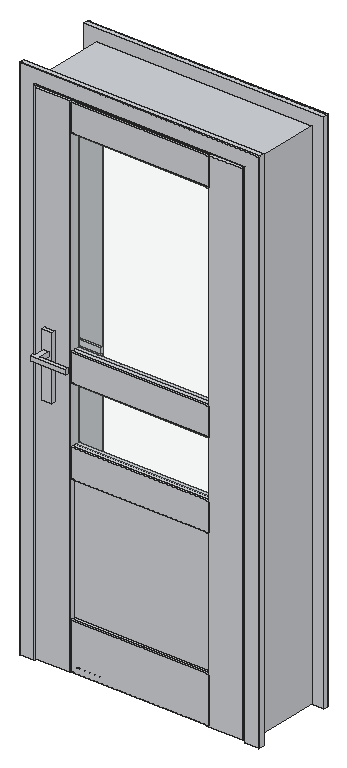
Revit family "b_portagrande_d1_pn60-100", category Drzwi, Revit 2016
Family settings
  Obiekt nadrzędny = Ściana
  Zawsze pionowo = Tak
  Tnij formami wycięć po wczytaniu = Nie
  Współdzielony = Nie
  Punkt obliczania pomieszczeń = Nie
Parameters (values of type "PN 80")
  Zakres szerokości muru [instance] = if(and(Szerokość ściany > 94 mm, Szerokość ściany < 120 mm), "B", (if(and(Szerokość ściany > 119 mm, Szerokość ściany < 140 mm), "C", (if(and(Szerokość ściany > 139 mm, Szerokość ściany < 160 mm), "D", (if(and(Szerokość ściany > 159 mm, Szerokość ściany < 180 mm), "E", (if(and(Szerokość ściany > 179 mm, Szerokość ściany < 200 mm), "F", (if(and(Szerokość ściany > 199 mm, Szerokość ściany < 220 mm), "G", (if(and(Szerokość ściany > 219 mm, Szerokość ściany < 240 mm), "H", (if(and(Szerokość ściany > 239 mm, Szerokość ściany < 260 mm), "I", (if(and(Szerokość ściany > 259 mm, Szerokość ściany < 280 mm), "J", (if(and(Szerokość ściany > 279 mm, Szerokość ściany < 301 mm), "K", "BRAK")))))))))))))))))))  # "K"
  Wysokość brutto = 2060 mm
  Szerokość ściany [instance] = 300 mm
  Szerokość brutto = 880 mm
  Model = "Porta GRANDE D.1"
  Materiał_szyba [instance] = Szkło
  Konstrukcja analityczna = "<Brak>"
  Funkcja = Wewnętrzna
  URL = "www.porta.com.pl"
  Ss = 818 mm
  Sb = 846 mm
  Producent = "PORTA KMI POLAND"  # constant formula
  Keynote = ""
  Opis = "Własność Porta KMI Poland, wszelkie prawa zastrzeżone."  # constant formula
  Wysokość = 2016 mm
  Zakończenie ściany = Wg obiektu nadrzędnego
  Szerokość = 800 mm
  Materiał_skrzydło [instance] = none
  Materiał_ościeżnica [instance] = none
  Materiał_klamka [instance] = none
  Hs = 2017 mm
Types (5, lengths in mm): name | Szerokość brutto | Materiał_szyba | Ss | Sb | Szerokość
  PN 70 | 780 | none | 718 | 746 | 700
  PN 60 | 680 | none | 618 | 646 | 600
  PN 80 | 880 | Szkło | 818 | 846 | 800
  PN 90 | 980 | none | 918 | 946 | 900
  PN 100 | 1080 | none | 1018 | 1046 | 1000
Reference planes
  plane 1: y = 0
  plane 2 "Środek (Lewa/Prawa)": x = 0
  plane 3 "Lewy": x = -440
  plane 4 "Prawy": x = 440
  plane 5: z = 2060
  plane 6 "Zewnętrzna": y = 150
  plane 7 "Wewnętrzna": y = -150
  plane 8 "skrzydło": y = -129
Forms (mm)
  Sweep 1, solid, material <- "Materiał_ościeżnica"
    path in 3D
      loop
        line (-440, -150, 0) -> (-440, -150, 2060) -> (440, -150, 2060) -> (440, -150, 0)
    profile origin (-440, -150, 1030) x (0, -1, 0) y (1, 0, 0)
      loop
        line (-24, 39) -> (-72, 39) -> (-72, 17) -> (0, 17) -> (0, -33) -> (16, -33)
        arc (16, -33) -> (18.121, -32.121) -> (19, -30) r 3
        line (19, -30) -> (19, 24)
        arc (19, 24) -> (18.121, 26.121) -> (16, 27) r 3
        line (16, 27) -> (-24, 27) -> (-24, 39)
  Sweep 2, solid, material <- "Materiał_ościeżnica"
    path in 3D
      loop
        line (440, 150, 0) -> (440, 150, 2060) -> (-440, 150, 2060) -> (-440, 150, 0)
    profile origin (-440, 150, 1030) x (1, 0, 0) y (0, 1, 0)
      loop
        line (-33, 0) -> (17, 0) -> (17, -228) -> (39, -228) -> (39, -1)
        arc (39, -1) -> (37.536, 2.536) -> (34, 4) r 5
        line (34, 4) -> (25, 4) -> (25, 16)
        arc (25, 16) -> (24.121, 18.121) -> (22, 19) r 3
        line (22, 19) -> (-30, 19)
        arc (-30, 19) -> (-32.121, 18.121) -> (-33, 16) r 3
        line (-33, 16) -> (-33, 0)
  Sweep 3, solid, not visible
    path in 3D
      loop
        line (-440, -150, 0) -> (-440, -150, 2060)
    profile origin (-440, -150, 1030) x (0, -1, 0) y (1, 0, 0)
      loop
        line (-151, 17) -> (-149, 17) -> (-149, 19) -> (-151, 19) -> (-151, 17)
Cuts and joins
  joined: Sweep 1, Sweep 2
Lines and regions (mm)
  Opening 1
    outline origin (-3050, -150, 0) x (1, 0, 0) y (0, 0, 1)
      loop
        line (2610, 0) -> (3490, 0) -> (3490, 2060) -> (2610, 2060) -> (2610, 0)
  sketch lines
    curve 1: line (-440, -150, 0) -> (-440, -150, 2060)
    curve 2: line (-440, -150, 2060) -> (440, -150, 2060)
    curve 3: line (440, -150, 2060) -> (440, -150, 0)
    curve 4: line (-440, 150, 2060) -> (-440, 150, 0)
    curve 5: line (440, 150, 2060) -> (-440, 150, 2060)
    curve 6: line (440, 150, 0) -> (440, 150, 2060)
    curve 12: line (-440, -150, 0) -> (-440, -150, 2060)
  symbolic lines, style "DoorsPanelProjection"
    curve 7: line (409, -150, 0) -> (409, -968, 0)
    curve 8: line (409, -968, 0) -> (369, -968, 0)
    curve 9: line (369, -968, 0) -> (369, -150, 0)
    curve 10: line (369, -150, 0) -> (409, -150, 0)
  symbolic lines, style "Ugięcie rzutu"
    curve 11: arc (-409, -150, 0) -> (-169.413, -728.413, 0) -> (409, -968, 0) r 818
Text (mm)
  text "Zewnętrzna" at (-2295.016, 1099.543, 0), in view "Poziom odniesienia"
  text "Zewnętrzna" at (0, 1615.38, 3698.081), in view "Lewy"
  text "Zewnętrzna" at (0, 1036.032, 3874.932), in view "Prawy"
Dimensions and locks
  equal spacing: plane 3 "Lewy", plane 2 "Środek (Lewa/Prawa)", plane 4 "Prawy"
  "Szerokość brutto": plane 3 "Lewy" to plane 4 "Prawy"
  "Wysokość brutto": plane 5 to host wall
  host wall to plane 5 = 2060 mm  (x2)
  locked: plane 6 "Zewnętrzna" to host wall at 0
  locked: plane 7 "Wewnętrzna" to host wall
  "Sb": Sweep 1 to Sweep 1
  locked: Sweep 1 sketch curve to Sweep 1 sketch curve at 22
  Sweep 1 sketch curve to Sweep 1 sketch curve = 50 mm
  locked: Sweep 1 sketch curve to profile plane at 72
  locked: Sweep 2 sketch curve to Sweep 2 sketch curve at 50
  locked: Sweep 2 sketch curve to Sweep 2 sketch curve at 22
  locked: Sweep 2 sketch curve to plane 6 "Zewnętrzna" at 1
  locked: curve 9 to curve 7 at 40
  "Ss": curve 8 to curve 10
  equal spacing: curve 11, plane 2 "Środek (Lewa/Prawa)", curve 7
  locked: plane 7 "Wewnętrzna" to plane 8 "skrzydło" at 21
  locked: host wall to Sweep 3 sketch curve at 1
  locked: Sweep 3 sketch curve to host wall at 1
  locked: Sweep 3 sketch curve to plane 6 "Zewnętrzna" at 151
  locked: plane 7 "Wewnętrzna" to Sweep 3 sketch curve at 151
  equal spacing: nested 1, plane 2 "Środek (Lewa/Prawa)", nested 1
  locked: nested 1 to level at 8
  "Szerokość ściany": host wall to host wall
  aligned and locked: plane 3 "Lewy" to Opening 1 sketch curve
  aligned and locked: plane 5 to Opening 1 sketch curve  (x2)
  aligned and locked: Opening 1 sketch curve to plane 4 "Prawy"
  aligned and locked: Opening 1 sketch curve to level
  aligned and locked: plane 1 to host wall
  aligned and locked: Sweep 1 to Sweep 2 sketch curve
  aligned and locked: plane 7 "Wewnętrzna" to curve 10
  aligned and locked: Sweep 3 sketch curve to cut or joined group of Sweep 1, Sweep 2
  aligned and locked: Sweep 2 sketch curve to cut or joined group of Sweep 1, Sweep 2
  aligned and locked: nested 1 to plane 8 "skrzydło"
Automatic sketch dimensions
  profile plane to Sweep 1 sketch curve = 24 mm
  Sweep 1 sketch curve to profile plane = 16 mm  (x2)
  Sweep 1 sketch curve to Sweep 1 sketch curve = 3 mm
  profile plane to Sweep 1 sketch curve = 17 mm
  Sweep 1 sketch curve to Sweep 1 sketch curve = 7 mm
  Sweep 1 sketch curve to profile plane = 0 mm
  Sweep 2 sketch curve to profile plane = 0 mm
  Sweep 2 sketch curve to profile plane = 16 mm
  Sweep 2 sketch curve to Sweep 2 sketch curve = 3 mm
  Sweep 2 sketch curve to Sweep 2 sketch curve = 5 mm
  Sweep 2 sketch curve to profile plane = 4 mm
  Sweep 2 sketch curve to Sweep 2 sketch curve = 8 mm
  curve 11 to host wall = 0 mm
  Sweep 3 sketch curve to Sweep 3 sketch curve = 2 mm
Nested families
  nested 1: "skrzydło" at (0, -135.5, 0), Materiał_klamka <- "Materiał_klamka", Materiał_skrzydło <- "Materiał_skrzydło", Materiał_szyba <- "Materiał_szyba", type "skrzydło"
    with Materiał_szyba Szkło, Materiał_skrzydło none, Materiał_klamka none
Definition of nested family "skrzydło"
  Parameters
    Ss = 818 mm
    Materiał_szyba [instance] = none
    Materiał_skrzydło [instance] = none
    Materiał_klamka [instance] = none
    Hs = 2017 mm
  Reference planes
    plane 1 "Tył": y = 6.5
    plane 2: z = 0
    plane 3 "Środek (Lewa/Prawa)": x = 0
    plane 4 "Lewa": x = -409
    plane 5 "Prawa": x = 409
    plane 6 "Przód": y = -33.5
    plane 7: z = 2025
    plane 8 "Centrum": y = -13.5
    plane 9: z = 8
    plane 10: x = -272
    plane 11: x = 272
  Forms (mm)
    Extrusion 1, solid, material <- "Materiał_skrzydło"
      sketch origin (-1191.728, -1524, 8) x (-1, 0, 0) y (0, -1, 0)
        loop
          line (-1465.378, -1490.5) -> (-1599.078, -1490.5)
          arc (-1599.078, -1490.5) -> (-1600.244, -1490.983) -> (-1600.728, -1492.15) r 1.65
          line (-1600.728, -1492.15) -> (-1600.728, -1528.8)
          arc (-1600.728, -1528.8) -> (-1600.23, -1530.002) -> (-1599.028, -1530.5) r 1.7
          line (-1599.028, -1530.5) -> (-1465.378, -1530.5)
          arc (-1465.378, -1530.5) -> (-1464.211, -1530.017) -> (-1463.728, -1528.85) r 1.65
          line (-1463.728, -1528.85) -> (-1463.728, -1492.15)
          arc (-1463.728, -1492.15) -> (-1464.211, -1490.983) -> (-1465.378, -1490.5) r 1.65
      from 0 to 2017
    Extrusion 2, solid, material <- "Materiał_skrzydło"
      sketch origin (0, 0, 0) x (0, 1, 0) y (0, 0, 1)
        loop
          line (4, 1911.65) -> (4, 2023.3)
          arc (4, 2023.3) -> (3.502, 2024.502) -> (2.3, 2025) r 1.7
          line (2.3, 2025) -> (-29.35, 2025)
          arc (-29.35, 2025) -> (-30.517, 2024.517) -> (-31, 2023.35) r 1.65
          line (-31, 2023.35) -> (-31, 1911.65)
          arc (-31, 1911.65) -> (-30.517, 1910.483) -> (-29.35, 1910) r 1.65
          line (-29.35, 1910) -> (2.35, 1910)
          arc (2.35, 1910) -> (3.517, 1910.483) -> (4, 1911.65) r 1.65
        loop
          line (2.35, 195) -> (-29.35, 195)
          arc (-29.35, 195) -> (-30.517, 194.517) -> (-31, 193.35) r 1.65
          line (-31, 193.35) -> (-31, 9.65)
          arc (-31, 9.65) -> (-30.517, 8.483) -> (-29.35, 8) r 1.65
          line (-29.35, 8) -> (-25, 8)
          arc (-25, 8) -> (-23.833, 8.483) -> (-23.35, 9.65) r 1.65
          arc (-23.35, 9.65) -> (-22.955, 10.605) -> (-22, 11) r 1.35
          line (-22, 11) -> (-5, 11)
          arc (-5, 11) -> (-4.045, 10.605) -> (-3.65, 9.65) r 1.35
          arc (-3.65, 9.65) -> (-3.167, 8.483) -> (-2, 8) r 1.65
          line (-2, 8) -> (2.35, 8)
          arc (2.35, 8) -> (3.517, 8.483) -> (4, 9.65) r 1.65
          line (4, 9.65) -> (4, 193.35)
          arc (4, 193.35) -> (3.517, 194.517) -> (2.35, 195) r 1.65
        loop
          line (2.35, 805) -> (-29.35, 805)
          arc (-29.35, 805) -> (-30.517, 804.517) -> (-31, 803.35) r 1.65
          line (-31, 803.35) -> (-31, 691.65)
          arc (-31, 691.65) -> (-30.517, 690.483) -> (-29.35, 690) r 1.65
          line (-29.35, 690) -> (2.35, 690)
          arc (2.35, 690) -> (3.517, 690.483) -> (4, 691.65) r 1.65
          line (4, 691.65) -> (4, 803.35)
          arc (4, 803.35) -> (3.517, 804.517) -> (2.35, 805) r 1.65
        loop
          line (2.35, 1142) -> (-29.35, 1142)
          arc (-29.35, 1142) -> (-30.517, 1141.517) -> (-31, 1140.35) r 1.65
          line (-31, 1140.35) -> (-31, 1028.65)
          arc (-31, 1028.65) -> (-30.517, 1027.483) -> (-29.35, 1027) r 1.65
          line (-29.35, 1027) -> (2.35, 1027)
          arc (2.35, 1027) -> (3.517, 1027.483) -> (4, 1028.65) r 1.65
          line (4, 1028.65) -> (4, 1140.35)
          arc (4, 1140.35) -> (3.517, 1141.517) -> (2.35, 1142) r 1.65
      from -272 to 272
    Extrusion 3, solid, material <- "Materiał_szyba"
      sketch origin (-892.016, -13.5, 1213) x (-1, 0, 0) y (0, 0, 1)
        loop
          line (-620.016, 697) -> (-1164.016, 697) -> (-1164.016, -71) -> (-620.016, -71) -> (-620.016, 697)
      from -2 to 2
    Extrusion 4, solid, material <- "Materiał_szyba"
      sketch origin (-892.016, -13.5, 1213) x (-1, 0, 0) y (0, 0, 1)
        loop
          line (-620.016, -408) -> (-620.016, -186) -> (-1164.016, -186) -> (-1164.016, -408) -> (-620.016, -408)
      from -2 to 2
    Extrusion 5, solid, material <- "Materiał_skrzydło"
      sketch origin (-892.016, -13.5, 1200) x (-1, 0, 0) y (0, 0, 1)
        loop
          line (-620.016, -510) -> (-1164.016, -510) -> (-1164.016, -1005) -> (-620.016, -1005) -> (-620.016, -510)
      from -4 to 4
    Extrusion 6, solid, material <- "Materiał_skrzydło"
      sketch origin (-1191.728, -1524, 8) x (-1, 0, 0) y (0, -1, 0)
        loop
          arc (-918.078, -1490.5) -> (-919.244, -1490.983) -> (-919.728, -1492.15) r 1.65
          line (-919.728, -1492.15) -> (-919.728, -1528.85)
          arc (-919.728, -1528.85) -> (-919.244, -1530.017) -> (-918.078, -1530.5) r 1.65
          line (-918.078, -1530.5) -> (-784.428, -1530.5)
          arc (-784.428, -1530.5) -> (-783.225, -1530.002) -> (-782.728, -1528.8) r 1.7
          line (-782.728, -1528.8) -> (-782.728, -1492.15)
          arc (-782.728, -1492.15) -> (-783.211, -1490.983) -> (-784.378, -1490.5) r 1.65
          line (-784.378, -1490.5) -> (-918.078, -1490.5)
      from 0 to 2017
  Dimensions and locks
    equal spacing: plane 4 "Lewa", plane 3 "Środek (Lewa/Prawa)", plane 5 "Prawa"
    "Ss": plane 4 "Lewa" to plane 5 "Prawa"
    locked: plane 9 to level at 8
    "Hs": plane 7 to plane 9
    locked: nested 1 to plane 9 at 934
    locked: plane 9 to nested 2 at 934
    equal spacing: plane 6 "Przód", plane 8 "Centrum", plane 1 "Tył"
    locked: plane 10 to plane 4 "Lewa" at 137
    locked: plane 5 "Prawa" to plane 11 at 137
    aligned and locked: nested 1 to plane 6 "Przód"
    aligned and locked: plane 5 "Prawa" to Extrusion 1 sketch curve
    aligned and locked: Extrusion 1 sketch curve to plane 1 "Tył"
    aligned and locked: Extrusion 1 sketch curve to plane 6 "Przód"
    aligned and locked: Extrusion 1 sketch curve to plane 11
    aligned and locked: plane 7 to Extrusion 1
    aligned and locked: Extrusion 2 to plane 10
    aligned and locked: plane 11 to Extrusion 2
    aligned and locked: plane 10 to Extrusion 3 sketch curve
    aligned and locked: plane 11 to Extrusion 3 sketch curve
    aligned and locked: Extrusion 2 to Extrusion 4 sketch curve  (x2)
    aligned and locked: plane 10 to Extrusion 5 sketch curve
    aligned and locked: plane 11 to Extrusion 5 sketch curve
    aligned and locked: plane 4 "Lewa" to Extrusion 6 sketch curve
    aligned and locked: Extrusion 6 sketch curve to plane 10
    aligned and locked: plane 7 to Extrusion 6
    aligned and locked: nested 2 to nested 1
  Automatic sketch dimensions
    Extrusion 4 sketch curve to plane 7 = 998 mm
    Extrusion 4 sketch curve to Extrusion 4 sketch curve = 222 mm
    Extrusion 6 sketch curve to plane 6 "Przód" = 0 mm
    plane 1 "Tył" to Extrusion 6 sketch curve = 0 mm
    Extrusion 6 sketch curve to plane 10 = 1.65 mm
    plane 1 "Tył" to Extrusion 6 sketch curve = 1.65 mm
    plane 4 "Lewa" to Extrusion 6 sketch curve = 1.7 mm
    plane 4 "Lewa" to Extrusion 6 sketch curve = 1.65 mm
    Extrusion 1 sketch curve to Extrusion 1 sketch curve = 1.65 mm
    Extrusion 1 sketch curve to plane 5 "Prawa" = 1.7 mm
    plane 11 to Extrusion 1 sketch curve = 1.65 mm  (x2)
    Extrusion 3 sketch curve to plane 7 = 883 mm
    Extrusion 3 sketch curve to plane 7 = 115 mm
    plane 9 to Extrusion 5 sketch curve = 187 mm
    Extrusion 5 sketch curve to Extrusion 5 sketch curve = 495 mm
    Extrusion 2 sketch curve to plane 7 = 0 mm
    Extrusion 2 sketch curve to plane 9 = 0 mm  (x2)
    plane 9 to Extrusion 2 sketch curve = 3 mm
    Extrusion 2 sketch curve to plane 8 "Centrum" = 8.5 mm
    Extrusion 2 sketch curve to Extrusion 2 sketch curve = 1.35 mm
    Extrusion 2 sketch curve to Extrusion 2 sketch curve = 0 mm  (x2)
    plane 6 "Przód" to Extrusion 2 sketch curve = 4.15 mm  (x7)
    Extrusion 2 sketch curve to plane 7 = 1.65 mm
    Extrusion 2 sketch curve to Extrusion 2 sketch curve = 1.65 mm  (x8)
    plane 9 to Extrusion 2 sketch curve = 1.65 mm
    plane 8 "Centrum" to Extrusion 2 sketch curve = 8.5 mm
    Extrusion 2 sketch curve to plane 7 = 1.7 mm
    plane 1 "Tył" to Extrusion 2 sketch curve = 4.2 mm
    plane 1 "Tył" to Extrusion 2 sketch curve = 4.15 mm  (x6)
    Extrusion 2 sketch curve to Extrusion 2 sketch curve = 182.35 mm
    Extrusion 2 sketch curve to Extrusion 2 sketch curve = 495 mm
    Extrusion 2 sketch curve to Extrusion 2 sketch curve = 111.7 mm  (x2)
    Extrusion 2 sketch curve to Extrusion 2 sketch curve = 113.35 mm
    Extrusion 2 sketch curve to Extrusion 2 sketch curve = 222 mm
  Nested families
    nested 1: "KLAMKA" at (-354, -33.5, 1067), Materiał klamki <- "Materiał_klamka", type "KLAMKA"
      with Materiał klamki none
    nested 2: "KLAMKA" at (-354, 6.5, 1067), Materiał klamki <- "Materiał_klamka", type "KLAMKA"
      with Materiał klamki none
  Definition of nested family "KLAMKA"
    Parameters
      Materiał klamki [instance] = none
      Assembly Code = ""
      Default Elevation = 1219.2 mm
    Reference planes
      plane 1 "Center (Front/Back)": y = 0
      plane 2: z = 0
      plane 3 "Center (Left/Right)": x = 0
      plane 4: z = 125
      plane 5: z = -125
      plane 6: x = 20
      plane 7: x = -20
      plane 8: y = -70
      plane 9: y = -60
      plane 10: x = 10
      plane 11: x = -10
      plane 12: x = 120
      plane 13: z = 35
      plane 14: z = 55
      plane 15: y = -15
    Forms (mm)
      Extrusion 1, solid, material <- "Materiał klamki"
        sketch origin (0, 0, 0) x (1, 0, 0) y (0, 0, 1)
          loop
            line (-20, 125) -> (-20, -125) -> (20, -125) -> (20, 125) -> (-20, 125)
        from 0 to 15
      Extrusion 2, solid, material <- "Materiał klamki"
        sketch origin (0, 0, 0) x (1, 0, 0) y (0, 1, 0)
          loop
            line (-10, -15) -> (-10, -60) -> (-20, -60) -> (-20, -70) -> (120, -70) -> (120, -60) -> (10, -60) -> (10, -15) -> (-10, -15)
        from 35 to 55
    Dimensions and locks
      equal spacing: plane 4, plane 2, plane 5
      plane 4 to plane 5 = 250 mm
      equal spacing: plane 7, plane 3 "Center (Left/Right)", plane 6
      plane 7 to plane 6 = 40 mm
      plane 8 to plane 1 "Center (Front/Back)" = 70 mm
      plane 11 to plane 3 "Center (Left/Right)" to plane 10 = 10 mm locked, 10 mm locked
      plane 7 to plane 12 = 140 mm
      plane 15 to plane 1 "Center (Front/Back)" = 15 mm
      aligned and locked: plane 7 to Extrusion 1 sketch curve
      aligned and locked: Extrusion 1 sketch curve to plane 4
      aligned and locked: plane 5 to Extrusion 1 sketch curve
      aligned and locked: Extrusion 1 sketch curve to plane 6
      aligned and locked: plane 15 to Extrusion 1
      aligned and locked: Extrusion 1 to plane 1 "Center (Front/Back)"
      aligned and locked: plane 14 to Extrusion 2
      aligned and locked: Extrusion 2 to plane 13
    Automatic sketch dimensions
      Extrusion 2 sketch curve to plane 7 = 0 mm
      Extrusion 2 sketch curve to plane 9 = 0 mm  (x2)
      Extrusion 2 sketch curve to plane 11 = 0 mm
      Extrusion 2 sketch curve to plane 10 = 0 mm
      Extrusion 2 sketch curve to plane 12 = 0 mm
      Extrusion 2 sketch curve to plane 8 = 0 mm
      Extrusion 2 sketch curve to plane 15 = 0 mm
